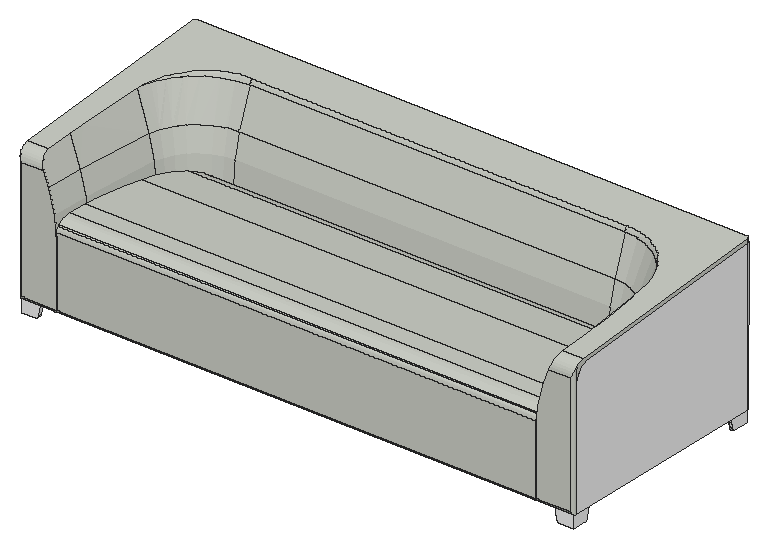
Revit family "Elan_Ellsworth_Two_Sofa_WoodBack", category Furniture, Revit 2012
Parameters
  Width = 7' - 2"  # constant formula
  URL = "http://elanbydecca.com/"
  Upholstery [instance] = Furniture - DECCA (Elan) - Ellsworth - Upholstery
  Base [instance] = Furniture - DECCA (Elan) - Ellsworth - Base
  Product URL = "http://elanbydecca.com/PDFs/TearSheet/Ellsworth%20Tear%20Sheet.pdf"
  Model = "MK TS505V"
  Manufacturer = "Decca Elan"
  Height = 2' - 10"  # constant formula
  Description = "Ellsworth Two Sofa, Wood Back"
  Depth = 2' - 2"  # constant formula
  Assembly Description = "Furniture & Accessories"
  Assembly Code = "E2020200"
  Back = Furniture - DECCA (Elan) - Ellsworth - Base
Reference planes (in)
  plane 1 "Center Front/Back": y = -0.7524
  plane 2: z = 0
  plane 3 "Center Left/Right": x = 0
  plane 4: through (-6.25338, 2.33237, 23.38953) normal (0.4297, -0.4297, 0.7941)
  plane 5 "ST": z = 28
  plane 6 "BB": z = 2.875
  plane 7: z = 0.1875
  plane 8: y = 6.21634
  plane 9: x = -17.5
  plane 10: x = 17.5
  plane 11: y = 16.2476
  plane 12: y = -17.7524
  plane 13: z = 26
  plane 14: x = -43
  plane 15: x = 43
Forms (in)
  Sweep 1, solid, material "Furniture - DECCA (Elan) - Ellsworth - Upholstery" <- "Upholstery"
    path origin (0, 0, 2.875) x (-1, 0, 0) y (0, -1, 0)
      loop
        line (37.14312, 18.94021) -> (36.89883, 11.94448)
        arc (36.89883, 11.94448) -> (36.56356, 5.94093) -> (35.97796, -0.04338) r 144
        arc (35.97796, -0.04338) -> (33.67515, -4.45033) -> (29.02699, -6.21634) r 7
        line (29.02699, -6.21634) -> (-29.02699, -6.21634)
        arc (-29.02699, -6.21634) -> (-33.67515, -4.45033) -> (-35.97796, -0.04338) r 7
        arc (-35.97796, -0.04338) -> (-36.56356, 5.94093) -> (-36.89883, 11.94448) r 144
        line (-36.89883, 11.94448) -> (-37.14312, 18.94021)
    profile origin (-37.02097, -15.44234, 2.875) x (-0.999391, 0.034899, 0) y (0, 0, 1)
      loop
        line (0, -0.625) -> (15.5, -0.625) -> (15.5, 24.72791) -> (5.82184, 23.78467)
        arc (5.82184, 23.78467) -> (4.27481, 23.16982) -> (3.29376, 21.82488) r 3
        line (3.29376, 21.82488) -> (1.25138, 16.21346)
        arc (1.25138, 16.21346) -> (0.31524, 12.71975) -> (0, 9.11655) r 20.75
        line (0, 9.11655) -> (0, -0.625)
  Extrusion 2, void
    sketch origin (0, 0, 2.875) x (-1, 0, 0) y (0, -1, 0)
      loop
        line (43, -15.7476) -> (43, 17.2524)
        arc (43, 17.2524) -> (42.85355, 17.60595) -> (42.5, 17.7524) r 0.5
        line (42.5, 17.7524) -> (-42.5, 17.7524)
        arc (-42.5, 17.7524) -> (-42.85355, 17.60595) -> (-43, 17.2524) r 0.5
        line (-43, 17.2524) -> (-43, -15.7476)
        arc (-43, -15.7476) -> (-42.85355, -16.10115) -> (-42.5, -16.2476) r 0.5
        line (-42.5, -16.2476) -> (42.5, -16.2476)
        arc (42.5, -16.2476) -> (42.85355, -16.10115) -> (43, -15.7476) r 0.5
      loop
        arc (41.5, -26.2476) -> (50.33883, -22.58644) -> (54, -13.7476) r 12.5
        line (54, -13.7476) -> (54, 15.2524)
        arc (54, 15.2524) -> (50.33883, 24.09123) -> (41.5, 27.7524) r 12.5
        line (41.5, 27.7524) -> (-41.5, 27.7524)
        arc (-41.5, 27.7524) -> (-50.33883, 24.09123) -> (-54, 15.2524) r 12.5
        line (-54, 15.2524) -> (-54, -13.7476)
        arc (-54, -13.7476) -> (-50.33883, -22.58644) -> (-41.5, -26.2476) r 12.5
        line (-41.5, -26.2476) -> (41.5, -26.2476)
    from -2.875 to 28.625
  Extrusion 3, solid, material "Furniture - DECCA (Elan) - Ellsworth - Upholstery" <- "Upholstery"
    sketch origin (0, 0, 0) x (0, 1, 0) y (0, 0, 1)
      loop
        line (6.21634, 2.25) -> (6.21634, 11.87049)
        arc (6.21634, 11.87049) -> (6.09516, 12.34765) -> (5.76098, 12.70916) r 1
        line (5.76098, 12.70916) -> (5.58971, 12.82039)
        arc (5.58971, 12.82039) -> (4.80884, 13.21357) -> (3.96121, 13.4277) r 4
        line (3.96121, 13.4277) -> (-2.43716, 14.316)
        arc (-2.43716, 14.316) -> (-7.37582, 14.8288) -> (-12.33808, 15) r 72
        line (-12.33808, 15) -> (-15.27824, 15)
        arc (-15.27824, 15) -> (-16.35334, 14.80074) -> (-17.28563, 14.22943) r 3
        line (-17.28563, 14.22943) -> (-17.42153, 14.10707)
        arc (-17.42153, 14.10707) -> (-17.66595, 13.77066) -> (-17.7524, 13.36393) r 1
        line (-17.7524, 13.36393) -> (-17.7524, 2.5625)
        arc (-17.7524, 2.5625) -> (-17.66087, 2.34153) -> (-17.4399, 2.25) r 0.3125
        line (-17.4399, 2.25) -> (6.21634, 2.25)
    from -39.69437 to 39.69437
  Extrusion 4, void
    sketch origin (0, 0, 2.875) x (-1, 0, 0) y (0, -1, 0)
      loop
        line (37.15402, 19.2524) -> (36.89883, 11.94448)
        arc (36.89883, 11.94448) -> (36.56356, 5.94093) -> (35.97796, -0.04338) r 144
        arc (35.97796, -0.04338) -> (33.67515, -4.45033) -> (29.02699, -6.21634) r 7
        line (29.02699, -6.21634) -> (-29.02699, -6.21634)
        arc (-29.02699, -6.21634) -> (-33.67515, -4.45033) -> (-35.97796, -0.04338) r 7
        arc (-35.97796, -0.04338) -> (-36.56356, 5.94093) -> (-36.89883, 11.94448) r 144
        line (-36.89883, 11.94448) -> (-37.15402, 19.2524) -> (-40.19253, 19.2524) -> (-40.19253, -11.2476) -> (40.30747, -11.2476) -> (40.30747, 19.2524) -> (37.15402, 19.2524)
    from -1.22026 to 15.89704
  Extrusion 5, void
    sketch origin (0, 0, 0) x (0, 1, 0) y (0, 0, 1)
      loop
        line (22.2476, 26.52493) -> (22.2476, 31) -> (-20.72095, 31) -> (-20.72095, 0) -> (-17.09615, 0) -> (-17.09615, 2.25) -> (-17.4399, 2.25)
        arc (-17.4399, 2.25) -> (-17.66087, 2.34153) -> (-17.7524, 2.5625) r 0.3125
        line (-17.7524, 2.5625) -> (-17.7524, 21.19272)
        arc (-17.7524, 21.19272) -> (-17.22695, 22.5439) -> (-15.92671, 23.18511) r 2
        line (-15.92671, 23.18511) -> (22.2476, 26.52493)
    from -44.77271 to 44.81064
  Extrusion 6, void
    sketch origin (0, 0, 0) x (0, 1, 0) y (0, 0, 1)
      loop
        line (16.2476, 25.45626) -> (15.7476, 25.41251) -> (15.7476, 2.25) -> (16.2476, 2.25) -> (16.2476, 25.45626)
    from -43 to 43
  Extrusion 7, void
    sketch origin (-25.5, 0, 0) x (0, 1, 0) y (0, 0, 1)
      loop
        line (-17.2524, 20.69272) -> (-17.2524, -0.5) -> (16.2476, -0.5) -> (16.2476, 25.45626) -> (-15.42671, 22.68511)
        arc (-15.42671, 22.68511) -> (-16.72695, 22.0439) -> (-17.2524, 20.69272) r 2
    from -17.5 to -17
  Extrusion 8, void
    sketch origin (25.5, 0, 0) x (0, 1, 0) y (0, 0, -1)
      loop
        arc (-17.2524, -20.69272) -> (-16.72695, -22.0439) -> (-15.42671, -22.68511) r 2
        line (-15.42671, -22.68511) -> (16.2476, -25.45626) -> (16.2476, 0.5) -> (-17.2524, 0.5) -> (-17.2524, -20.69272)
    from -17.5 to -17
Cuts and joins
  Extrusion 2, Extrusion 5, Extrusion 6, Extrusion 7, Extrusion 8 cuts Sweep 1
  Extrusion 4 cuts Extrusion 3
Lines and regions (in)
  model lines
    curve 1: arc (0, -17.4399, 2.25) -> (0, -17.66087, 2.34153) -> (0, -17.7524, 2.5625) r 0.3125
    curve 2: line (0, -17.7524, 13.36393) -> (0, -17.7524, 2.5625)
    curve 3: arc (0, -17.42153, 14.10707) -> (0, -17.66595, 13.77066) -> (0, -17.7524, 13.36393) r 1
    curve 4: line (0, -17.28563, 14.22943) -> (0, -17.42153, 14.10707)
    curve 5: arc (0, -15.27824, 15) -> (0, -16.35334, 14.80074) -> (0, -17.28563, 14.22943) r 3
    curve 6: line (0, -12.33808, 15) -> (0, -15.27824, 15)
    curve 7: arc (0, -2.43716, 14.316) -> (0, -7.37582, 14.8288) -> (0, -12.33808, 15) r 72
    curve 8: line (0, 3.96121, 13.4277) -> (0, -2.43716, 14.316)
    curve 9: arc (0, 5.58971, 12.82039) -> (0, 4.80884, 13.21357) -> (0, 3.96121, 13.4277) r 4
    curve 10: line (0, 5.76098, 12.70916) -> (0, 5.58971, 12.82039)
    curve 11: arc (0, 6.21634, 11.87049) -> (0, 6.09516, 12.34765) -> (0, 5.76098, 12.70916) r 1
Dimensions and locks (in)
  plane 12 to plane 11 = 2' - 10"
  plane 9 to plane 10 = 2' - 11"
  plane 13 to level = 2' - 2"
  plane 14 to plane 15 = 7' - 2"
Nested families (in)
  nested 1: "Elan_Ellsworth_One_LoungeLEG" at (-42.6875, -16.6875, 0), Base <- "Base", type "Elan_Ellsworth_One_LoungeLEG"
    with Upholstery Furniture - DECCA (Elan) - Ellsworth - Upholstery, Base Furniture - DECCA (Elan) - Ellsworth - Base
  nested 2: "Elan_Ellsworth_One_LoungeLEG" at (-42.6875, 15.1827, 0), Base <- "Base", type "Elan_Ellsworth_One_LoungeLEG"
    with Upholstery Furniture - DECCA (Elan) - Ellsworth - Upholstery, Base Furniture - DECCA (Elan) - Ellsworth - Base
  nested 3: "Elan_Ellsworth_One_LoungeLEG" at (42.6875, -16.6875, 0) x (-1, 0, 0) z (0, 0, 1), Base <- "Base", type "Elan_Ellsworth_One_LoungeLEG"
    with Upholstery Furniture - DECCA (Elan) - Ellsworth - Upholstery, Base Furniture - DECCA (Elan) - Ellsworth - Base
  nested 4: "Elan_Ellsworth_One_LoungeLEG" at (42.6875, 15.1827, 0) x (-1, 0, 0) z (0, 0, 1), Base <- "Base", type "Elan_Ellsworth_One_LoungeLEG"
    with Upholstery Furniture - DECCA (Elan) - Ellsworth - Upholstery, Base Furniture - DECCA (Elan) - Ellsworth - Base
  nested 5: "Elan_Ellsworth_Two_SofaBACK" at (0, 0, 0), Back <- "Back", Base <- "Back", type "Elan_Ellsworth_Two_SofaBACK"
    with Upholstery Furniture - DECCA (Elan) - Ellsworth - Upholstery, Base Furniture - DECCA (Elan) - Ellsworth - Base, Back Furniture - DECCA (Elan) - Ellsworth - Base
Definition of nested family "Elan_Ellsworth_One_LoungeLEG"
  Parameters (values of type "Elan_Ellsworth_One_LoungeLEG")
    WoodBack = no
    Width = 2' - 9"  # constant formula
    URL = "http://elanbydecca.com/"
    Upholstery [instance] = Furniture - DECCA (Elan) - Ellsworth - Upholstery
    Base [instance] = Furniture - DECCA (Elan) - Ellsworth - Base
    Product URL = "http://elanbydecca.com/PDFs/elan_tearsheet-ava.pdf"
    Model = "MK TC300V"
    Manufacturer = "Decca Elan"
    Height = 2' - 4"  # constant formula
    Description = "Ellsworth One Lounge Chair"
    Depth = 2' - 6"  # constant formula
    Assembly Description = "Furniture & Accessories"
    Assembly Code = "E2020200"
    Back = Furniture - DECCA (Elan) - Ellsworth - Base
  Reference planes (in)
    plane 1 "Center Front/Back": y = -0.7524
    plane 2: z = 0
    plane 3 "Center Left/Right": x = 0
    plane 4 "L": x = -16.5
    plane 5 "R": x = 16.5
    plane 6 "F": y = -15.7524
    plane 7: y = 14.2476
    plane 8: through (-6.25338, 2.33237, 23.38953) normal (0.4297, -0.4297, 0.7941)
    plane 9 "ST": z = 28
    plane 10 "BB": z = 2.875
    plane 11: z = 0.1875
    plane 12: x = -16.1875
    plane 13: x = -13.1875
    plane 14: x = 16.1875
    plane 15: x = 13.1875
    plane 16: y = -12.7524
    plane 17: y = 11.2476
    plane 18: z = 17
    plane 19: y = 6.21634
    plane 20: z = 0.65933
    plane 21: through (0, 2.2476, 2.875) normal (0, -0.9824, 0.1869)
    plane 22: through (3, -180, 2.875) normal (0.9828, 0, -0.1848)
    plane 23: x = 2.49468
    plane 24: y = 1.73635
  Forms (in)
    Blend 1, solid, material "Furniture - DECCA (Elan) - Ellsworth - Base" <- "Base"
      base sketch origin (0, 0, 2.875) x (-1, 0, 0) y (0, -1, 0)
        loop
          line (-0.5, -2.2476) -> (0, -2.2476) -> (0, 0.7524) -> (-3, 0.7524) -> (-3, 0.26226) -> (-0.5, -2.2476)
      top sketch origin (0, 0, 2.875) x (-1, 0, 0) y (0, -1, 0)
        loop
          line (-2.49468, 0.7524) -> (-2.49468, 0.30042) -> (-0.46243, -1.73635) -> (0, -1.73635) -> (0, 0.7524) -> (-2.49468, 0.7524)
      from 0 to -2.6875
    Extrusion 2, void
      sketch origin (0, -0.00635, 0.00635) x (0, 1, 0) y (0, 0, 1)
        loop
          line (1.3225, 0.1875) -> (-0.93599, 0.1875) -> (-0.93599, 0.09766) -> (1.81071, 0.09766) -> (2.38141, 3.09766) -> (2.28996, 3.09766) -> (1.81369, 0.59406)
          arc (1.81369, 0.59406) -> (1.64131, 0.30232) -> (1.3225, 0.1875) r 0.5
      from -0.45475 to 3.24041
    Revolve 3, solid, material "Furniture - DECCA (Elan) - Ellsworth - Base" <- "Base"
      sketch origin (0.83883, 0, 0) x (0, 1, 0) y (0, 0, 1)
        loop
          line (0.67648, 0.19343) -> (0.30246, 0.19343) -> (0.30246, 0) -> (0.61213, 0)
          arc (0.61213, 0) -> (0.65763, 0.01885) -> (0.67648, 0.06435) r 0.06435
          line (0.67648, 0.06435) -> (0.67648, 0.19343)
        axis (0.30246, 0) -> (0.30246, 0.19343)
      angle from 0 to 360
    Extrusion 4, void
      sketch origin (-0.00439, -16.42176, 0.01318) x (1, 0, 0) y (0, 0, -1)
        loop
          line (-0.25, -0.1875) -> (2.07993, -0.1875)
          arc (2.07993, -0.1875) -> (2.39915, -0.30266) -> (2.57132, -0.59511) r 0.5
          line (2.57132, -0.59511) -> (3.0644, -3.2175) -> (3.0644, 0.0625) -> (-0.25, 0.0625) -> (-0.25, -0.1875)
      from 15.08155 to 18.91936
  Cuts and joins
    Extrusion 2, Extrusion 4 cuts Blend 1
  Dimensions and locks (in)
    equal spacing: plane 7, plane 1 "Center Front/Back", plane 6 "F"
    "Depth": plane 7 to plane 6 "F"
    "Height": plane 9 "ST" to level
    equal spacing: plane 4 "L", plane 3 "Center Left/Right", plane 5 "R"
    "Width": plane 4 "L" to plane 5 "R"
    locked: plane 12 to plane 4 "L" at 0.3125
    locked: plane 13 to plane 12 at 3
    locked: plane 15 to plane 14 at 3
    locked: plane 14 to plane 5 "R" at 0.3125
    locked: plane 16 to plane 6 "F" at 3
    locked: plane 7 to plane 17 at 3
    plane 18 to level = 1' - 5"
  Automatic sketch dimensions
    plane 1 "Center Front/Back" to Blend 1 sketch curve = 0' - 0"  (x2)
    Blend 1 sketch curve to plane 3 "Center Left/Right" = 0' - 0"  (x2)
    plane 3 "Center Left/Right" to Blend 1 sketch curve = 0' - 0 1/2"
    Blend 1 sketch curve to plane 23 = 0' - 0.50532"
    Blend 1 sketch curve to Blend 1 sketch curve = 0' - 0"  (x2)
    Blend 1 sketch curve to plane 1 "Center Front/Back" = 0' - 0.49014"
    plane 24 to Blend 1 sketch curve = 0' - 0.51125"
    Blend 1 sketch curve to plane 23 = 0' - 0"
    Blend 1 sketch curve to plane 24 = 0' - 0"
    plane 3 "Center Left/Right" to Blend 1 sketch curve = 0' - 0.46243"
    Blend 1 sketch curve to Blend 1 sketch curve = 0' - 0.45198"
    plane 11 to Extrusion 2 sketch curve = 0' - 0.00635"
    plane 1 "Center Front/Back" to Extrusion 2 sketch curve = 0' - 0.18994"
    Extrusion 2 sketch curve to plane 24 = 0' - 0.4202"
    plane 24 to Extrusion 2 sketch curve = 0' - 0.06802"
    plane 20 to Extrusion 2 sketch curve = 0' - 0.05893"
    plane 24 to Extrusion 2 sketch curve = 0' - 0.07099"
    plane 10 "BB" to Extrusion 2 sketch curve = 0' - 0.229"
    plane 24 to Extrusion 2 sketch curve = 0' - 0.54726"
    Extrusion 2 sketch curve to Extrusion 2 sketch curve = 0' - 0.09145"
    Extrusion 2 sketch curve to plane 11 = 0' - 0.0835"
    Revolve 3 sketch curve to level = 0' - 0"
    plane 11 to Revolve 3 sketch curve = 0' - 0.00593"
    plane 11 to Revolve 3 sketch curve = 0' - 0.14484"
    Revolve 3 sketch curve to plane 1 "Center Front/Back" = 0' - 1.05486"
    Revolve 3 sketch curve to Revolve 3 sketch curve = 0' - 0"
    Revolve 3 sketch curve to Revolve 3 sketch curve = 0' - 0.30967"
    Revolve 3 sketch curve to Revolve 3 sketch curve = 0' - 0.06435"
    Revolve 3 sketch curve to Revolve 3 sketch curve = 0' - 0.0701"
    Extrusion 4 sketch curve to plane 11 = 0' - 0.01318"
    plane 22 to Extrusion 4 sketch curve = 0' - 0.00675"  (x2)
    plane 3 "Center Left/Right" to Extrusion 4 sketch curve = 0' - 0.25439"
    Extrusion 4 sketch curve to plane 23 = 0' - 0.41914"
    plane 23 to Extrusion 4 sketch curve = 0' - 0.07225"
    Extrusion 4 sketch curve to plane 10 "BB" = 0' - 0.35569"
    level to Extrusion 4 sketch curve = 0' - 0.04932"
Definition of nested family "Elan_Ellsworth_Two_SofaBACK"
  Parameters (values of type "Elan_Ellsworth_Two_SofaBACK")
    Width = 2' - 11"  # constant formula
    URL = "http://elanbydecca.com/"
    Upholstery [instance] = Furniture - DECCA (Elan) - Ellsworth - Upholstery
    Base [instance] = Furniture - DECCA (Elan) - Ellsworth - Base
    Product URL = "http://elanbydecca.com/PDFs/TearSheet/Ellsworth%20Tear%20Sheet.pdf"
    Model = "MK TC305U"
    Manufacturer = "Decca Elan"
    Height = 2' - 10"  # constant formula
    Description = "Ellsworth Two Lounge Chair"
    Depth = 2' - 2"  # constant formula
    Assembly Description = "Furniture & Accessories"
    Assembly Code = "E2020200"
    Back [instance] = Furniture - DECCA (Elan) - Ellsworth - Base
  Reference planes (in)
    plane 1 "Center Front/Back": y = -0.7524
    plane 2: z = 0
    plane 3 "Center Left/Right": x = 0
    plane 4: through (-6.25338, 2.33237, 23.38953) normal (0.4297, -0.4297, 0.7941)
    plane 5 "ST": z = 28
    plane 6 "BB": z = 2.875
    plane 7: z = 0.1875
    plane 8: y = 6.21634
    plane 9: x = -17.5
    plane 10: x = 17.5
    plane 11: y = 16.2476
    plane 12: y = -17.7524
    plane 13: z = 26
    plane 14: x = -43
    plane 15: x = 43
  Forms (in)
    Sweep 1, solid, material "Furniture - DECCA (Elan) - Ellsworth - Base" <- "Back"
      path origin (0, 0, 2.875) x (-1, 0, 0) y (0, -1, 0)
        loop
          line (37.14312, 18.94021) -> (36.89883, 11.94448)
          arc (36.89883, 11.94448) -> (36.56356, 5.94093) -> (35.97796, -0.04338) r 144
          arc (35.97796, -0.04338) -> (33.67515, -4.45033) -> (29.02699, -6.21634) r 7
          line (29.02699, -6.21634) -> (-29.02699, -6.21634)
          arc (-29.02699, -6.21634) -> (-33.67515, -4.45033) -> (-35.97796, -0.04338) r 7
          arc (-35.97796, -0.04338) -> (-36.56356, 5.94093) -> (-36.89883, 11.94448) r 144
          line (-36.89883, 11.94448) -> (-37.14312, 18.94021)
      profile origin (0, 6.21634, 2.875) x (0, 1, 0) y (0, 0, 1)
        loop
          line (0, -0.625) -> (15.5, -0.625) -> (15.5, 24.72791) -> (5.82184, 23.78467)
          arc (5.82184, 23.78467) -> (4.27481, 23.16982) -> (3.29376, 21.82488) r 3
          line (3.29376, 21.82488) -> (1.25138, 16.21346)
          arc (1.25138, 16.21346) -> (0.31524, 12.71975) -> (0, 9.11655) r 20.75
          line (0, 9.11655) -> (0, -0.625)
    Extrusion 2, void
      sketch origin (0, 0, 2.875) x (-1, 0, 0) y (0, -1, 0)
        loop
          arc (42.5, -16.2476) -> (42.85355, -16.10115) -> (43, -15.7476) r 0.5
          line (43, -15.7476) -> (43, 17.2524)
          arc (43, 17.2524) -> (42.85355, 17.60595) -> (42.5, 17.7524) r 0.5
          line (42.5, 17.7524) -> (-42.5, 17.7524)
          arc (-42.5, 17.7524) -> (-42.85355, 17.60595) -> (-43, 17.2524) r 0.5
          line (-43, 17.2524) -> (-43, -15.7476)
          arc (-43, -15.7476) -> (-42.85355, -16.10115) -> (-42.5, -16.2476) r 0.5
          line (-42.5, -16.2476) -> (42.5, -16.2476)
        loop
          arc (41.5, -26.2476) -> (50.33883, -22.58644) -> (54, -13.7476) r 12.5
          line (54, -13.7476) -> (54, 15.2524)
          arc (54, 15.2524) -> (50.33883, 24.09123) -> (41.5, 27.7524) r 12.5
          line (41.5, 27.7524) -> (-41.5, 27.7524)
          arc (-41.5, 27.7524) -> (-50.33883, 24.09123) -> (-54, 15.2524) r 12.5
          line (-54, 15.2524) -> (-54, -13.7476)
          arc (-54, -13.7476) -> (-50.33883, -22.58644) -> (-41.5, -26.2476) r 12.5
          line (-41.5, -26.2476) -> (41.5, -26.2476)
      from -2.875 to 28.625
    Extrusion 3, void
      sketch origin (0, 0.5, 0) x (0, 1, 0) y (0, 0, 1)
        loop
          line (22.2476, 26.02493) -> (22.2476, 31) -> (-20.72095, 31) -> (-20.72095, 0) -> (-17.7524, 0) -> (-17.7524, 20.69272)
          arc (-17.7524, 20.69272) -> (-17.22695, 22.0439) -> (-15.92671, 22.68511) r 2
          line (-15.92671, 22.68511) -> (22.2476, 26.02493)
      from -55.10203 to 55.92991
    Extrusion 4, void
      sketch origin (0, 0, 2.875) x (-1, 0, 0) y (0, -1, 0)
        loop
          line (42.5, -15.7476) -> (42.5, 17.2524) -> (-42.5, 17.2524) -> (-42.5, -15.7476) -> (42.5, -15.7476)
      from -2.875 to 28.625
  Cuts and joins
    Extrusion 2, Extrusion 3, Extrusion 4 cuts Sweep 1
  Dimensions and locks (in)
    plane 12 to plane 11 = 2' - 10"
    plane 9 to plane 10 = 2' - 11"
    plane 13 to level = 2' - 2"
